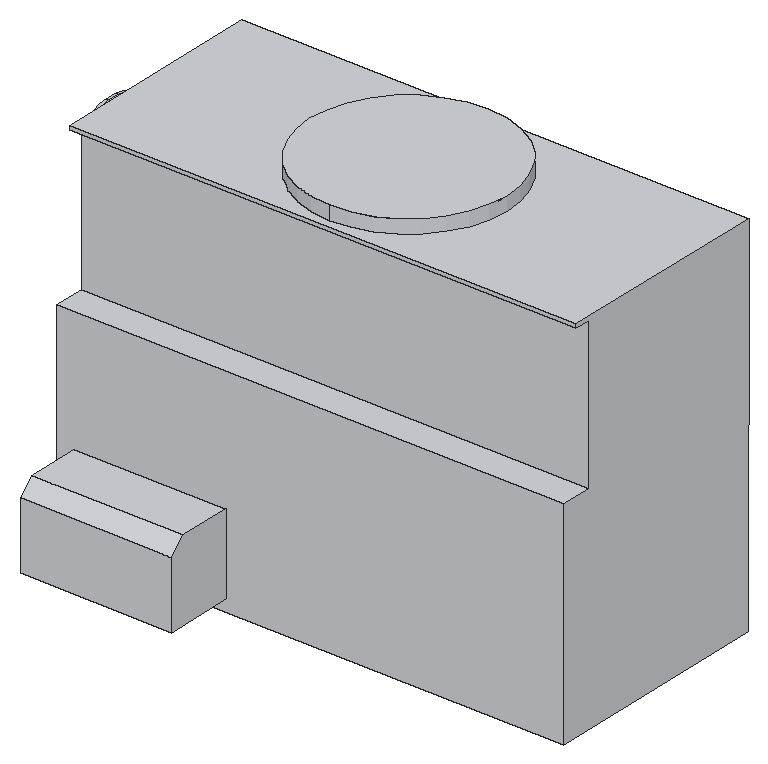
Revit family "M_Torre de resfriamento - Circuito fechado - Contra fluxo - 43-94 kW", category Equipamento mecânico, Revit 2019
Family settings
  Cota do conector redondo = Usar raio
  Tipo de parte = Normal
  Número OmniClass = 23.75.10.37.11
  Título OmniClass = Mechanical-Draft Cooling Towers
  ID de item do Seek = Cooling Tower - Closed Circuit - Counterflow - 43-94 kW-0000-CAN-ENU
  Com base no plano de trabalho = Não
  Sempre na vertical = Sim
  Corte com vazios quando carregada = Não
  Compartilhado = Não
  Ponto de cálculo do ambiente = Não
Parameters (values of type "43 kW")
  Voltagem = 460 V
  Visível 2 = yes
  Visível 1 = no
  Material da torre = none
  Comprimento da torre = 3650 mm
  Altura da torre = 2760 mm
  Queda de pressão da água composta [instance] = 0.0 Pa
  Classificação de carga = Refrigeração
  Queda de pressão da água da refrigeração [instance] = 276000.0 Pa
  Número de pólos = 3
  Número de ventiladores = 1
  HP do motor = 16.5
  Raio da água composta = 25 mm
  Fluxo de água composto [instance] = 0.05 * Fluxo da água da refrigeração / 100  # 0.00775 L/s
  Comprimento 2 = Comprimento da torre / 3  # 1216.667 mm
  Comprimento 1 = 330 mm
  Perda de calor [instance] = 43000 W
  Fluxo de ar do ventilador [instance] = 18300.0 L/s
  Raio da drenagem = 50 mm
  Distância 1 = 780 mm
  Raio da água da refrigeração = Diâmetro da água da refrigeração / 2  # 50 mm
  Fluxo da água da refrigeração [instance] = 15.5 L/s
  Diâmetro da água da refrigeração = 100 mm
  C1 Deslocamento 1 = 790 mm
  Carga aparente = 10300 VA
Types (8, lengths in mm): name | Visível 2 | Visível 1 | Comprimento da torre | Altura da torre | Queda de pressão da água da refrigeração | Número de ventiladores | HP do motor | Fluxo de água composto | Comprimento 2 | Comprimento 1 | Perda de calor | Fluxo de ar do ventilador | Distância 1 | Fluxo da água da refrigeração | Carga aparente
  (no name) | yes | no | 3650 | 2760 | 276000.0 Pa | 1 | 16.5 | 0.00775 L/s | 1216.667 | 330 | 43000 W | 18300.0 L/s | 780 | 15.5 L/s | 10300 VA
  43 kW | yes | no | 3650 | 2760 | 276000.0 Pa | 1 | 16.5 | 0.00775 L/s | 1216.667 | 330 | 43000 W | 18300.0 L/s | 780 | 15.5 L/s | 10300 VA
  52 kW | yes | no | 3645 | 2980 | 276000.0 Pa | 1 | 17 | 0.0109 L/s | 1215 | 330 | 52200 W | 17900.0 L/s | 781 | 21.8 L/s | 1700 VA
  59 kW | yes | no | 3645 | 3200 | 276000.0 Pa | 1 | 22 | 0.0109 L/s | 1215 | 330 | 58600 W | 17500.0 L/s | 780 | 21.8 L/s | 13800 VA
  65 kW | no | yes | 5490 | 2760 | 276000.0 Pa | 2 | 23 | 0.01625 L/s | 1830 | 400 | 65400 W | 24800.0 L/s | 9370 | 32.5 L/s | 14400 VA
  79 kW | no | yes | 5490 | 2980 | 310000.0 Pa | 2 | 28 | 0.01625 L/s | 1830 | 400 | 78800 W | 26200.0 L/s | 9370 | 32.5 L/s | 17500 VA
  89 kW | no | yes | 5490 | 3200 | 310000.0 Pa | 2 | 28 | 0.01625 L/s | 1830 | 400 | 88800 W | 25400.0 L/s | 9370 | 32.5 L/s | 17500 VA
  94 kW | no | yes | 5490 | 3410 | 310000.0 Pa | 2 | 33 | 0.01625 L/s | 1830 | 400 | 94400 W | 24900.0 L/s | 9370 | 32.5 L/s | 20700 VA
Reference planes
  plane 1 "Centro (Frente/Trás)": y = 0
  plane 2: z = 0
  plane 3 "Centro (Esquerda/Direita)": x = 0
  plane 4: x = 3650
  plane 5: y = 1663.7
  plane 6: y = 228.6
  plane 7: x = -330
  plane 8: y = 114.3
  plane 9 "2": x = -177.6
  plane 10 "1": y = 1511.3
  plane 11: z = 666.75
  plane 12: z = 438.15
  plane 13: z = 285.75
  plane 14: z = 82.55
  plane 15: z = 361.95
  plane 16: z = 2760
  plane 17: z = 2636.175
  plane 18: z = 2661.575
  plane 19: z = 1552.575
  plane 20: z = 133.35
  plane 21: z = 234.95
  plane 22: x = -76
  plane 23: y = 844.55
  plane 24: y = 590.55
  plane 25: y = 692.15
  plane 26: z = 463.55
  plane 27 "3": z = 2458.375
  plane 28: z = 2356.775
  plane 29: y = 873.7
  plane 30: y = 772.1
  plane 31: z = 1670.05
  plane 32: z = 2000.05
  plane 33: z = 895.35
  plane 34: y = 1196.975
  plane 35: x = -50.8
  plane 36: y = -485.775
  plane 37: y = -384.175
  plane 38: z = 565.15
  plane 39: x = 127
  plane 40: x = 3523
  plane 41: z = 1425.575
  plane 42: x = 1216.667
  plane 43: z = 127
  plane 44: z = 1209.146
  plane 45: z = 776.287
  plane 46: z = 343.429
  plane 47: z = 992.717
  plane 48: z = 559.858
  plane 49: x = 1825
  plane 50: x = 912.5
  plane 51: x = 2737.5
  plane 52: y = 889
Forms (mm)
  Extrusion 1, solid, material <- "Material da torre", detail levels medium+fine
    sketch origin (0, 0, 0) x (1, 0, 0) y (0, 1, 0)
      loop
        circle (-177.6, 1511.3) r 152.4
    from 285.75 to 438.15
  Extrusion 2, solid, material <- "Material da torre", detail levels medium+fine
    sketch origin (0, 0, 0) x (1, 0, 0) y (0, 1, 0)
      loop
        circle (-177.6, 1511.3) r 101.6
    from 438.15 to 666.75
  Extrusion 3, solid, material <- "Material da torre"
    sketch origin (0, 0, 0) x (0, 1, 0) y (0, 0, 1)
      loop
        line (1663.7, 2661.575) -> (114.3, 2661.575) -> (114.3, 2636.175) -> (228.6, 2636.175) -> (228.6, 1552.575) -> (0, 1552.575) -> (0, 0) -> (1663.7, 0) -> (1663.7, 2661.575)
    from 3650 to 0
  Sweep 4, solid, material <- "Material da torre", detail levels medium+fine
    path in 3D
      loop
        line (-177.6, 1511.3, 285.75) -> (-177.6, 1511.3, 234.95)
        arc (-177.6, 1511.3, 234.95) -> (-147.842, 1511.3, 163.108) -> (-76, 1511.3, 133.35) r 101.6
        line (-76, 1511.3, 133.35) -> (0, 1511.3, 133.35)
    profile origin (-177.6, 1511.3, 260.35) x (0, -1, 0) y (1, 0, 0)
      loop
        circle (0, 0) r 50.8
  Sweep 5, solid, material <- "Material da torre", detail levels medium+fine
    path in 3D
      loop
        line (-177.6, 1511.3, 361.95) -> (-177.6, 692.15, 361.95)
        arc (-177.6, 692.15, 361.95) -> (-177.6, 620.308, 391.708) -> (-177.6, 590.55, 463.55) r 101.6
        line (-177.6, 590.55, 463.55) -> (-177.6, 590.55, 2356.775)
        arc (-177.6, 590.55, 2356.775) -> (-177.6, 620.308, 2428.617) -> (-177.6, 692.15, 2458.375) r 101.6
        line (-177.6, 692.15, 2458.375) -> (-177.6, 772.1, 2458.375)
        arc (-177.6, 772.1, 2458.375) -> (-147.842, 843.942, 2458.375) -> (-76, 873.7, 2458.375) r 101.6
        line (-76, 873.7, 2458.375) -> (0, 873.7, 2458.375)
    profile origin (-177.6, 1101.725, 361.95) x (0, 0, -1) y (1, 0, 0)
      loop
        circle (0, 0) r 50.8
  Extrusion 6, solid, material <- "Material da torre"
    sketch origin (-177.6, 0, 0) x (0, 1, 0) y (0, 0, 1)
      loop
        circle (873.7, 2000.05) r 50
      loop
        circle (873.7, 1670.05) r 50
    from -152.4 to 177.6
  Extrusion 7, solid, material <- "Material da torre"
    sketch origin (-177.6, 0, 0) x (0, 1, 0) y (0, 0, 1)
      loop
        circle (844.55, 666.75) r 25.4
      loop
        circle (1196.975, 895.35) r 228.6
    from 177.6 to 126.8
  Extrusion 8, solid, material <- "Material da torre"
    sketch origin (-177.6, 0, 0) x (0, 1, 0) y (0, 0, 1)
      loop
        circle (1196.975, 82.55) r 50.8
    from 126.8 to 177.6
  Extrusion 9, solid, material <- "Material da torre"
    sketch origin (-177.6, 0, 0) x (0, 1, 0) y (0, 0, 1)
      loop
        line (0, 666.75) -> (-384.175, 666.75) -> (-485.775, 565.15) -> (-485.775, 82.55) -> (0, 82.55) -> (0, 666.75)
    from 304.6 to 1394.267
  Extrusion 10, solid, material <- "Material da torre", visible <- "Visível 1"
    sketch origin (0, 0, 2458.375) x (0, 1, 0) y (-1, 0, 0)
      loop
        circle (889, -2737.5) r 711.2
    from 203.2 to 301.625
  Extrusion 11, solid, material <- "Material da torre", visible <- "Visível 1"
    sketch origin (0, 0, 2458.375) x (0, 1, 0) y (-1, 0, 0)
      loop
        circle (889, -912.5) r 711.2
    from 203.2 to 301.625
  Extrusion 12, solid, material <- "Material da torre", visible <- "Visível 2"
    sketch origin (0, 0, 2458.375) x (0, 1, 0) y (-1, 0, 0)
      loop
        circle (889, -1825) r 711.2
    from 203.2 to 301.625
Cuts and joins
  joined: Extrusion 1, Extrusion 2, Sweep 4, Sweep 5
  joined: Extrusion 3, Extrusion 6, Extrusion 7, Extrusion 8, Extrusion 9
Lines and regions (mm)
  reference lines
    curve 1: line (-177.6, 1511.3, 285.75) -> (-177.6, 1511.3, 234.95)
    curve 2: line (-76, 1511.3, 133.35) -> (0, 1511.3, 133.35)
    curve 3: arc (-177.6, 1511.3, 234.95) -> (-147.842, 1511.3, 163.108) -> (-76, 1511.3, 133.35) r 101.6
    curve 7: line (-177.6, 1511.3, 361.95) -> (-177.6, 692.15, 361.95)
    curve 8: arc (-177.6, 692.15, 361.95) -> (-177.6, 620.308, 391.708) -> (-177.6, 590.55, 463.55) r 101.6
    curve 9: line (-177.6, 590.55, 463.55) -> (-177.6, 590.55, 2356.775)
    curve 10: arc (-177.6, 590.55, 2356.775) -> (-177.6, 620.308, 2428.617) -> (-177.6, 692.15, 2458.375) r 101.6
    curve 11: line (-177.6, 772.1, 2458.375) -> (-177.6, 692.15, 2458.375)
    curve 12: arc (-177.6, 772.1, 2458.375) -> (-147.842, 843.942, 2458.375) -> (-76, 873.7, 2458.375) r 101.6
    curve 13: line (-76, 873.7, 2458.375) -> (0, 873.7, 2458.375)
  sketch lines
    curve 4: line (-177.6, 1511.3, 285.75) -> (-177.6, 1511.3, 234.95)
    curve 5: arc (-177.6, 1511.3, 234.95) -> (-147.842, 1511.3, 163.108) -> (-76, 1511.3, 133.35) r 101.6
    curve 6: line (-76, 1511.3, 133.35) -> (0, 1511.3, 133.35)
    curve 14: line (-177.6, 1511.3, 361.95) -> (-177.6, 692.15, 361.95)
    curve 15: arc (-177.6, 692.15, 361.95) -> (-177.6, 620.308, 391.708) -> (-177.6, 590.55, 463.55) r 101.6
    curve 16: line (-177.6, 590.55, 463.55) -> (-177.6, 590.55, 2356.775)
    curve 17: arc (-177.6, 590.55, 2356.775) -> (-177.6, 620.308, 2428.617) -> (-177.6, 692.15, 2458.375) r 101.6
    curve 18: arc (-177.6, 772.1, 2458.375) -> (-147.842, 843.942, 2458.375) -> (-76, 873.7, 2458.375) r 101.6
    curve 19: line (-177.6, 772.1, 2458.375) -> (-177.6, 692.15, 2458.375)
    curve 20: line (-76, 873.7, 2458.375) -> (0, 873.7, 2458.375)
  model lines, detail levels medium+fine
    curve 21: line (127, 0, 1425.575) -> (3523, 0, 1425.575)
    curve 22: line (127, 0, 127) -> (127, 0, 1425.575)
    curve 23: line (3523, 0, 127) -> (127, 0, 127)
    curve 24: line (3523, 0, 1425.575) -> (3523, 0, 127)
    curve 25: line (3523, 0, 1209.146) -> (127, 0, 1209.146)
    curve 26: line (127, 0, 992.717) -> (3523, 0, 992.717)
    curve 27: line (3523, 0, 776.288) -> (127, 0, 776.288)
    curve 28: line (3523, 0, 559.858) -> (127, 0, 559.858)
    curve 29: line (3523, 0, 343.429) -> (127, 0, 343.429)
Dimensions and locks
  "Comprimento da torre": plane 3 "Centro (Esquerda/Direita)" to plane 4
  locked: plane 1 "Centro (Frente/Trás)" to plane 5 at 1663.7
  "Comprimento 1": plane 7 to plane 3 "Centro (Esquerda/Direita)"
  locked: plane 6 to plane 1 "Centro (Frente/Trás)" at 228.6
  equal spacing: plane 1 "Centro (Frente/Trás)", plane 8, plane 6
  locked: plane 7 to plane 9 "2" at 152.4
  locked: plane 11 to plane 2 at 666.75
  locked: plane 5 to plane 10 "1" at 152.4
  locked: plane 11 to plane 12 at 228.6
  locked: plane 12 to plane 13 at 152.4
  locked: plane 14 to plane 2 at 82.55
  equal spacing: plane 13, plane 15, plane 12
  "Altura da torre": plane 16 to plane 2
  locked: plane 16 to plane 17 at 123.825
  locked: plane 18 to plane 17 at 25.4
  locked: plane 19 to plane 2 at 1552.575
  locked: plane 20 to plane 14 at 50.8
  locked: plane 21 to plane 20 at 101.6
  locked: plane 22 to plane 9 "2" at 101.6
  locked: plane 5 to plane 23 at 819.15
  locked: plane 23 to plane 24 at 254
  locked: plane 25 to plane 24 at 101.6
  locked: plane 26 to plane 15 at 101.6
  locked: plane 17 to plane 27 "3" at 177.8
  locked: plane 27 "3" to plane 28 at 101.6
  "C1 Deslocamento 1": plane 5 to plane 29
  locked: plane 29 to plane 30 at 101.6
  locked: plane 31 to plane 19 at 117.475
  "Comprimento 1": plane 32 to plane 31
  locked: plane 33 to plane 11 at 228.6
  locked: plane 5 to plane 34 at 466.725
  locked: plane 35 to plane 3 "Centro (Esquerda/Direita)" at 50.8
  locked: plane 1 "Centro (Frente/Trás)" to plane 36 at 485.775
  locked: plane 38 to plane 11 at 101.6
  locked: plane 37 to plane 36 at 101.6
  "Comprimento 2": plane 42 to plane 3 "Centro (Esquerda/Direita)"
  locked: plane 39 to plane 3 "Centro (Esquerda/Direita)" at 127
  locked: plane 4 to plane 40 at 127
  locked: plane 19 to plane 41 at 127
  locked: plane 43 to plane 2 at 127
  equal spacing: plane 41, plane 44, plane 47, plane 45, plane 48, plane 46, plane 43
  equal spacing: plane 3 "Centro (Esquerda/Direita)", plane 50, plane 49, plane 51, plane 4
  equal spacing: plane 5, plane 52, plane 8
  radius of Extrusion 1 sketch curve = 152.4 mm
  radius of Extrusion 2 sketch curve = 101.6 mm
  radius of curve 3 = 101.6 mm
  radius of Sweep 4 sketch curve = 50.8 mm
  radius of curve 8 = 101.6 mm
  radius of curve 10 = 101.6 mm
  radius of curve 12 = 101.6 mm
  radius of Sweep 5 sketch curve = 50.8 mm
  "Raio da água da refrigeração": radius of Extrusion 6 sketch curve  (x2)
  radius of Extrusion 7 sketch curve = 25.4 mm
  radius of Extrusion 7 sketch curve = 228.6 mm
  radius of Extrusion 8 sketch curve = 50.8 mm
  radius of Extrusion 10 sketch curve = 711.2 mm
  radius of Extrusion 11 sketch curve = 711.2 mm
  radius of Extrusion 12 sketch curve = 711.2 mm
  aligned and locked: plane 9 "2" to Extrusion 1 sketch curve
  aligned and locked: plane 10 "1" to Extrusion 1 sketch curve
  aligned and locked: plane 12 to Extrusion 1
  aligned and locked: plane 13 to Extrusion 1
  aligned and locked: plane 9 "2" to Extrusion 2 sketch curve
  aligned and locked: plane 10 "1" to Extrusion 2 sketch curve
  aligned and locked: plane 11 to Extrusion 2
  aligned and locked: Extrusion 2 to plane 12
  aligned and locked: Extrusion 3 sketch curve to plane 5
  aligned and locked: plane 19 to Extrusion 3 sketch curve
  aligned and locked: Extrusion 3 sketch curve to plane 6
  aligned and locked: plane 1 "Centro (Frente/Trás)" to Extrusion 3 sketch curve
  aligned and locked: Extrusion 3 sketch curve to plane 2
  aligned and locked: plane 18 to Extrusion 3 sketch curve
  aligned and locked: plane 8 to Extrusion 3 sketch curve
  aligned and locked: plane 4 to Extrusion 3
  aligned and locked: Extrusion 3 to plane 3 "Centro (Esquerda/Direita)"
  aligned and locked: plane 22 to curve 3
  aligned and locked: plane 21 to curve 3
  aligned and locked: plane 25 to curve 8
  aligned and locked: plane 26 to curve 8
  aligned and locked: plane 25 to curve 10
  aligned and locked: plane 28 to curve 10
  aligned and locked: plane 22 to curve 12
  aligned and locked: plane 30 to curve 12
  aligned and locked: plane 29 to Extrusion 6 sketch curve  (x2)
  aligned and locked: plane 31 to Extrusion 6 sketch curve
  aligned and locked: plane 32 to Extrusion 6 sketch curve
  aligned and locked: Extrusion 6 to plane 7
  aligned and locked: plane 3 "Centro (Esquerda/Direita)" to Extrusion 6
  aligned and locked: plane 23 to Extrusion 7 sketch curve
  aligned and locked: plane 11 to Extrusion 7 sketch curve
  aligned and locked: plane 34 to Extrusion 7 sketch curve
  aligned and locked: plane 33 to Extrusion 7 sketch curve
  aligned and locked: Extrusion 7 to plane 3 "Centro (Esquerda/Direita)"
  aligned and locked: Extrusion 7 to plane 35
  aligned and locked: plane 34 to Extrusion 8 sketch curve
  aligned and locked: plane 14 to Extrusion 8 sketch curve
  aligned and locked: Extrusion 7 to Extrusion 8
  aligned and locked: plane 3 "Centro (Esquerda/Direita)" to Extrusion 8
  aligned and locked: plane 11 to Extrusion 9 sketch curve
  aligned and locked: plane 36 to Extrusion 9 sketch curve
  aligned and locked: Extrusion 9 sketch curve to plane 14
  aligned and locked: Extrusion 9 sketch curve to plane 1 "Centro (Frente/Trás)"
  aligned and locked: plane 38 to Extrusion 9 sketch curve
  aligned and locked: plane 37 to Extrusion 9 sketch curve
  aligned and locked: plane 42 to Extrusion 9
  aligned and locked: Extrusion 9 to plane 39
  aligned and locked: plane 39 to curve 21
  aligned and locked: curve 21 to plane 41
  aligned and locked: plane 43 to curve 24
  aligned and locked: curve 24 to plane 40
  aligned and locked: plane 52 to Extrusion 10 sketch curve
  aligned and locked: plane 51 to Extrusion 10 sketch curve
  aligned and locked: plane 50 to Extrusion 11 sketch curve
  aligned and locked: plane 52 to Extrusion 11 sketch curve
  aligned and locked: plane 49 to Extrusion 12 sketch curve
  aligned and locked: plane 52 to Extrusion 12 sketch curve
  aligned and locked: plane 16 to Extrusion 11
  aligned and locked: Extrusion 12 to plane 16
  aligned and locked: Extrusion 10 to plane 16
  aligned and locked: Extrusion 11 to plane 18
  aligned and locked: Extrusion 12 to plane 18
  aligned and locked: plane 18 to Extrusion 10
Automatic sketch dimensions
  Extrusion 3 sketch curve to plane 17 = 0 mm
  curve 2 to plane 3 "Centro (Esquerda/Direita)" = 0 mm
  curve 1 to plane 13 = 0 mm
  Sweep 4 sketch curve to profile plane = 0 mm  (x2)
  curve 11 to plane 30 = 0 mm
  curve 7 to plane 10 "1" = 0 mm
  curve 13 to plane 3 "Centro (Esquerda/Direita)" = 0 mm
  Sweep 5 sketch curve to profile plane = 0 mm  (x2)
  curve 29 to plane 46 = 0 mm
  curve 28 to plane 48 = 0 mm
  curve 27 to plane 45 = 0 mm
  curve 26 to plane 47 = 0 mm
  curve 25 to plane 44 = 0 mm
Connectors
  piping at (-330, 873.7, 2000.05), diameter 100, driven by "Raio da água da refrigeração", driven by "Queda de pressão da água da refrigeração", driven by "Fluxo da água da refrigeração"
    settings: on cut or joined group of Extrusion 3, Extrusion 6, Extrusion 7, Extrusion 8, Extrusion 9, index 1, connector inside diameter 100 mm, connector length 0 mm, flow factor 0, pipe flow 15.5 L/s, pressure drop 276000.0 Pa, fitting loss kfactor 0, connector angle 0.00°, fixture units 0, engagement length 0 mm, angle of deflection 0.00°, flow configuration 0, flow direction 2, fitting loss method 4, system type 7, joint type 0, gender type 0, connector reference index 2, connector utility 0, adjustable connector no, is connector primary yes, connector description "Saída de água do condensador"
  piping at (-330, 873.7, 1670.05), diameter 100, driven by "Raio da água da refrigeração", driven by "Fluxo da água da refrigeração"
    settings: on cut or joined group of Extrusion 3, Extrusion 6, Extrusion 7, Extrusion 8, Extrusion 9, index 2, connector inside diameter 100 mm, connector length 0 mm, flow factor 0, pipe flow 15.5 L/s, pressure drop 0.0 Pa, fitting loss kfactor 0, connector angle 0.00°, fixture units 0, engagement length 0 mm, angle of deflection 0.00°, flow configuration 0, flow direction 1, fitting loss method 0, system type 8, joint type 0, gender type 0, connector reference index 1, connector utility 0, adjustable connector no, is connector primary no, connector description "Entrada de água do condensador"
  piping at (-50.8, 844.55, 666.75), diameter 50, driven by "Raio da água composta", driven by "Queda de pressão da água composta", driven by "Fluxo de água composto"
    settings: on cut or joined group of Extrusion 3, Extrusion 6, Extrusion 7, Extrusion 8, Extrusion 9, index 3, connector inside diameter 50 mm, connector length 0 mm, flow factor 0, pipe flow 0.00775 L/s, pressure drop 0.0 Pa, fitting loss kfactor 0, connector angle 0.00°, fixture units 0, engagement length 0 mm, angle of deflection 0.00°, flow configuration 1, flow direction 1, fitting loss method 4, system type 20, joint type 0, gender type 0, connector reference index -1, connector utility 0, adjustable connector no, is connector primary no, connector description "Entrada de água composta"
  piping at (-50.8, 1196.975, 82.55), diameter 100, driven by "Raio da drenagem"
    settings: on cut or joined group of Extrusion 3, Extrusion 6, Extrusion 7, Extrusion 8, Extrusion 9, index 4, connector inside diameter 100 mm, connector length 0 mm, flow factor 0, pipe flow 0.0 L/s, pressure drop 0.0 Pa, fitting loss kfactor 0, connector angle 0.00°, fixture units 0, engagement length 0 mm, angle of deflection 0.00°, flow configuration 1, flow direction 2, fitting loss method 0, system type 16, joint type 0, gender type 0, connector reference index -1, connector utility 0, adjustable connector yes, is connector primary no, connector description "Saída da drenagem"
  electrical at (127, -271.145, 412.75), driven by "Carga aparente", driven by "Voltagem", driven by "Número de pólos", driven by "Classificação de carga"
    settings: on cut or joined group of Extrusion 3, Extrusion 6, Extrusion 7, Extrusion 8, Extrusion 9, index 5, voltage 460 V, apparent load 10300 VA, apparent load phase1 0 VA, apparent load phase2 0 VA, apparent load phase3 0 VA, power factor 0.8, load classification "Refrigeração", number of poles 3, system type 30, power factor state 1, is connector primary yes, connector utility no, sub classification motor no, connector description ""
